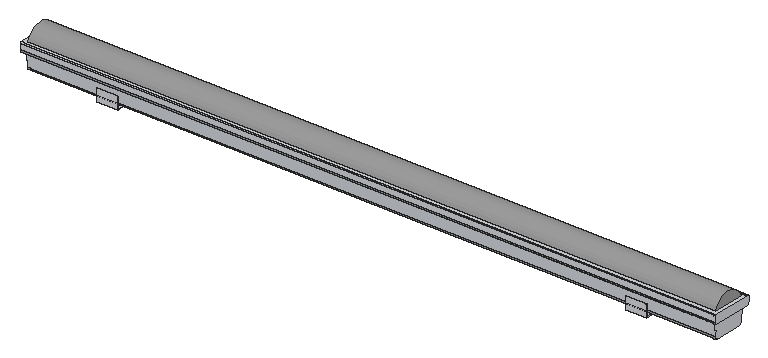
Revit family "0010273", category Lighting Fixtures, host Face, Revit 2017 (continued)
Types (60, lengths in mm): name | Weight | Wattage | TypeName | built-in parameter 1150134 | Photometric Web File | PowerFactor | PowerConsumption | NominalLength | Name | ModelReference | ModelNumber | Model | LuminousEfficacy | built-in parameter 1150105 | Lumens | LampNominalLuminous | LampMacAdamStep | LampColourTemperature | LENGHT_SYL | LENGHT_CHAMFER_SYL | LENGHT-_SYL | LENGHT-_CHAMFER_SYL | L0650_SYL | L1500_SYL | L1200_SYL | built-in parameter 1150107 | built-in parameter 1150106 | built-in parameter 1150104 | DocumentationLiterature | Description | BRACKET_WIDTH_SYL | BRACKET_DIST_SYL | Apparent Load
  0010215 RESISTO 1200 IP66 4800LM 840 QC | "1.61 kg" | 35 W | "Resisto  1200 IP66 4800lm 840 QC" | 12 | "0010215.ies" | 0.95 | "35 W" | 1212 | "Resisto  1200 IP66 4800lm 840 QC" | "Resisto  1200 IP66 4800lm 840 QC" | "0010215" | "Resisto  1200 IP66 4800lm 840 QC" | "137 lm/W" | 1583.6 (stored number, unit not read) | 4795 lm | "4800 lm" | "5" | "4000 K" | 592 | 600 | -592 | -600 | no | no | yes | 4000 (stored number, unit not read) | 15.836 (stored number, unit not read) | 12.728 (stored number, unit not read) | "http://www.sylvania-lighting.com/product/en-int/products/0010215" | "Resisto, integrated LED weatherproof luminaire, with UV stabilized flat diffuser designed to achieve uniform lit appearance, optimise light output and to reduce glare. 301 stainless steel diffuser clips and fixing brackets for surface mounting. Polycarbonate housing and diffuser - no yellow discolouration over time. 4800lm; 35W; 137lm/W; 4000K; SDCM<5; non dimmable; CRI80; IP66; IK08; Class I; 69,000hrs (L80B20) lifespan; 1200mm x 89mm x 88mm; D-mark; assembled with quick connector." | 400 | 444 | 35 VA
  0010214 RESISTO 1200 IP66 2800LM 840 QC | "1.57 kg" | 21 W | "Resisto  1200 IP66 2800lm 840 QC" | 12 | "0010214.ies" | 0.95 | "21 W" | 1212 | "Resisto  1200 IP66 2800lm 840 QC" | "Resisto  1200 IP66 2800lm 840 QC" | "0010214" | "Resisto  1200 IP66 2800lm 840 QC" | "133 lm/W" | 917.95 (stored number, unit not read) | 2793 lm | "2800 lm" | "5" | "4000 K" | 592 | 600 | -592 | -600 | no | no | yes | 4000 (stored number, unit not read) | 9.1795 (stored number, unit not read) | 12.356 (stored number, unit not read) | "http://www.sylvania-lighting.com/product/en-int/products/0010214" | "Resisto, integrated LED weatherproof luminaire, with UV stabilized flat diffuser designed to achieve uniform lit appearance, optimise light output and to reduce glare. 301 stainless steel diffuser clips and fixing brackets for surface mounting. Polycarbonate housing and diffuser - no yellow discolouration over time. 2800lm; 21W; 133lm/W; 4000K; SDCM<5; non dimmable; CRI80; IP66; IK08; Class I; 69,000hrs (L80B20) lifespan; 1200mm x 89mm x 88mm; D-mark; assembled with quick connector." | 400 | 444 | 21 VA
  0010213 RESISTO 1200 IP66 4800LM 865 | "1.54 kg" | 35 W | "Resisto  1200 IP66 4800lm 865" | 1 | "0010213.ies" | 0.95 | "35 W" | 1200 | "Resisto  1200 IP66 4800lm 865" | "Resisto  1200 IP66 4800lm 865" | "0010213" | "Resisto  1200 IP66 4800lm 865" | "137 lm/W" | 1583.6 (stored number, unit not read) | 4795 lm | "4800 lm" | "5" | "6500 K" | 592 | 600 | -592 | -600 | no | no | yes | 6500 (stored number, unit not read) | 15.836 (stored number, unit not read) | 12.728 (stored number, unit not read) | "http://www.sylvania-lighting.com/product/en-int/products/0010213" | "Resisto, integrated LED weatherproof luminaire, with UV stabilized flat diffuser designed to achieve uniform lit appearance, optimise light output and to reduce glare. 301 stainless steel diffuser clips and fixing brackets for surface mounting. Polycarbonate housing and diffuser - no yellow discolouration over time. 4800lm; 35W; 137lm/W; 6500K; SDCM<5; non dimmable; CRI80; IP66; IK08; Class I; 69,000hrs (L80B20) lifespan; 1200mm x 89mm x 88mm; D-mark." | 400 | 444 | 35 VA
  0010212 RESISTO 1200 IP66 2800LM 865 | "1.5 kg" | 21 W | "Resisto  1200 IP66 2800lm 865" | 1 | "0010212.ies" | 0.95 | "21 W" | 1200 | "Resisto  1200 IP66 2800lm 865" | "Resisto  1200 IP66 2800lm 865" | "0010212" | "Resisto  1200 IP66 2800lm 865" | "133 lm/W" | 917.95 (stored number, unit not read) | 2793 lm | "2800 lm" | "5" | "6500 K" | 592 | 600 | -592 | -600 | no | no | yes | 6500 (stored number, unit not read) | 9.1795 (stored number, unit not read) | 12.356 (stored number, unit not read) | "http://www.sylvania-lighting.com/product/en-int/products/0010212" | "Resisto, integrated LED weatherproof luminaire, with UV stabilized flat diffuser designed to achieve uniform lit appearance, optimise light output and to reduce glare. 301 stainless steel diffuser clips and fixing brackets for surface mounting. Polycarbonate housing and diffuser - no yellow discolouration over time. 2800lm; 21W; 133lm/W; 6500K; SDCM<5; non dimmable; CRI80; IP66; IK08; Class I; 69,000hrs (L80B20) lifespan; 1200mm x 89mm x 88mm; D-mark." | 400 | 444 | 21 VA
  0010211 RESISTO 1200 IP66 4800LM 840 | "11.88 kg" | 35 W | "Resisto  1200 IP66 4800lm 840" | 12 | "0010211.ies" | 0.95 | "35.0 W" | 1200 | "Resisto  1200 IP66 4800lm 840" | "Resisto  1200 IP66 4800lm 840" | "0010211" | "Resisto  1200 IP66 4800lm 840" | "137 lm/W" | -7601417.6 (stored number, unit not read) | 4795 lm | "4800 lm" | "5" | "4000 K" | 592 | 600 | -592 | -600 | no | no | yes | 4000 (stored number, unit not read) | -76014.2 (stored number, unit not read) | 12.728 (stored number, unit not read) | "http://www.sylvania-lighting.com/product/en-int/products/0010211" | "Resisto, integrated LED weatherproof luminaire, with UV stabilized flat diffuser designed to achieve uniform lit appearance, optimise light output and to reduce glare. 301 stainless steel diffuser clips and fixing brackets for surface mounting. Polycarbonate housing and diffuser - no yellow discolouration over time. 4800lm; 35W; 137lm/W; 4000K; SDCM<5; non dimmable; CRI80; IP66; IK08; Class I; 69,000hrs (L80B20) lifespan; 1200mm x 89mm x 88mm; D-mark." | 400 | 444 | 35 VA
  0010210 RESISTO 1200 IP66 2800LM 840 | "11.88 kg" | 21 W | "Resisto  1200 IP66 2800lm 840" | 12 | "0010210.ies" | 0.95 | "21.0 W" | 1200 | "Resisto  1200 IP66 2800lm 840" | "Resisto  1200 IP66 2800lm 840" | "0010210" | "Resisto  1200 IP66 2800lm 840" | "133 lm/W" | -2570258.2 (stored number, unit not read) | 2793 lm | "2800 lm" | "5" | "4000 K" | 592 | 600 | -592 | -600 | no | no | yes | 4000 (stored number, unit not read) | -25702.6 (stored number, unit not read) | 12.356 (stored number, unit not read) | "http://www.sylvania-lighting.com/product/en-int/products/0010210" | "Resisto, integrated LED weatherproof luminaire, with UV stabilized flat diffuser designed to achieve uniform lit appearance, optimise light output and to reduce glare. 301 stainless steel diffuser clips and fixing brackets for surface mounting. Polycarbonate housing and diffuser - no yellow discolouration over time. 2800lm; 21W; 133lm/W; 4000K; SDCM<5; non dimmable; CRI80; IP66; IK08; Class I; 69,000hrs (L80B20) lifespan; 1200mm x 89mm x 88mm; D-mark." | 400 | 444 | 21 VA
  0010209 RESISTO 1200 IP66 4800LM 830 | "1.54 kg" | 35 W | "Resisto  1200 IP66 4800lm 830" | (empty or 0) | "0010209.ies" | 0.95 | "35 W" | 1200 | "Resisto  1200 IP66 4800lm 830" | "Resisto  1200 IP66 4800lm 830" | "0010209" | "Resisto  1200 IP66 4800lm 830" | "137 lm/W" | 1583.6 (stored number, unit not read) | 4795 lm | "4800 lm" | "5" | "3000 K" | 592 | 600 | -592 | -600 | no | no | yes | 3000 (stored number, unit not read) | 15.836 (stored number, unit not read) | 12.728 (stored number, unit not read) | "http://www.sylvania-lighting.com/product/en-int/products/0010209" | "Resisto, integrated LED weatherproof luminaire, with UV stabilized flat diffuser designed to achieve uniform lit appearance, optimise light output and to reduce glare. 301 stainless steel diffuser clips and fixing brackets for surface mounting. Polycarbonate housing and diffuser - no yellow discolouration over time. 4800lm; 35W; 137lm/W; 3000K; SDCM<5; non dimmable; CRI80; IP66; IK08; Class I; 69,000hrs (L80B20) lifespan; 1200mm x 89mm x 88mm; D-mark." | 400 | 444 | 35 VA
  0010208 RESISTO 1200 IP66 2800LM 830 | "1.5 kg" | 21 W | "Resisto  1200 IP66 2800lm 830" | (empty or 0) | "0010208.ies" | 0.95 | "21 W" | 1200 | "Resisto  1200 IP66 2800lm 830" | "Resisto  1200 IP66 2800lm 830" | "0010208" | "Resisto  1200 IP66 2800lm 830" | "133 lm/W" | 917.95 (stored number, unit not read) | 2793 lm | "2800 lm" | "5" | "3000 K" | 592 | 600 | -592 | -600 | no | no | yes | 3000 (stored number, unit not read) | 9.1795 (stored number, unit not read) | 12.356 (stored number, unit not read) | "http://www.sylvania-lighting.com/product/en-int/products/0010208" | "Resisto, integrated LED weatherproof luminaire, with UV stabilized flat diffuser designed to achieve uniform lit appearance, optimise light output and to reduce glare. 301 stainless steel diffuser clips and fixing brackets for surface mounting. Polycarbonate housing and diffuser - no yellow discolouration over time. 2800lm; 21W; 133lm/W; 3000K; SDCM<5; non dimmable; CRI80; IP66; IK08; Class I; 69,000hrs (L80B20) lifespan; 1200mm x 89mm x 88mm; D-mark." | 400 | 444 | 21 VA
  0010207 RESISTO 600 HE IP66 2500LM 840 | "0.96 kg" | 16 W | "Resisto  600 HE IP66 2500lm 840" | 12 | "0010207.ies" | 0.95 | "16 W" | 650 | "Resisto  600 HE IP66 2500lm 840" | "Resisto  600 HE IP66 2500lm 840" | "0010207" | "Resisto  600 HE IP66 2500lm 840" | "156 lm/W" | 829.02 (stored number, unit not read) | 2496 lm | "2500 lm" | "3" | "4000 K" | 317 | 325 | -317 | -325 | yes | no | no | 4000 (stored number, unit not read) | 8.2902 (stored number, unit not read) | 14.493 (stored number, unit not read) | "http://www.sylvania-lighting.com/product/en-int/products/0010207" | "Resisto, integrated LED weatherproof luminaire, with UV stabilized flat diffuser designed to achieve uniform lit appearance, optimise light output and to reduce glare. 301 stainless steel diffuser clips and fixing brackets for surface mounting. Polycarbonate housing and diffuser - no yellow discolouration over time. 2500lm; 16W; 156lm/W; 4000K; SDCM<3; non dimmable; CRI80; IP66; IK08; Class I; 69,000hrs (L80B20) lifespan; 650mm x 89mm x 88mm; D-mark." | 125 | 169 | 16 VA
  0010206 RESISTO 600 HE IP66 1400LM 840 | "0.88 kg" | 10 W | "Resisto  600 HE IP66 1400lm 840" | 12 | "0010206.ies" | 0.9 | "10 W" | 650 | "Resisto  600 HE IP66 1400lm 840" | "Resisto  600 HE IP66 1400lm 840" | "0010206" | "Resisto  600 HE IP66 1400lm 840" | "140 lm/W" | 479.25 (stored number, unit not read) | 1400 lm | "1400 lm" | "3" | "4000 K" | 317 | 325 | -317 | -325 | yes | no | no | 4000 (stored number, unit not read) | 4.7925 (stored number, unit not read) | 13.006 (stored number, unit not read) | "http://www.sylvania-lighting.com/product/en-int/products/0010206" | "Resisto, integrated LED weatherproof luminaire, with UV stabilized flat diffuser designed to achieve uniform lit appearance, optimise light output and to reduce glare. 301 stainless steel diffuser clips and fixing brackets for surface mounting. Polycarbonate housing and diffuser - no yellow discolouration over time. 1400lm; 10W; 140lm/W; 4000K; SDCM<3; non dimmable; CRI80; IP66; IK08; Class I; 69,000hrs (L80B20) lifespan; 650mm x 89mm x 88mm; D-mark." | 125 | 169 | 10 VA
  0010205 RESISTO 600 IP66 2500LM 865 | "0.88 kg" | 19 W | "Resisto  600 IP66 2500lm 865" | 1 | "0010205.ies" | 1 | "19 W" | 650 | "Resisto  600 IP66 2500lm 865" | "Resisto  600 IP66 2500lm 865" | "0010205" | "Resisto  600 IP66 2500lm 865" | "132 lm/W" | 833.01 (stored number, unit not read) | 2508 lm | "2500 lm" | "5" | "6500 K" | 317 | 325 | -317 | -325 | yes | no | no | 6500 (stored number, unit not read) | 8.3301 (stored number, unit not read) | 12.263 (stored number, unit not read) | "http://www.sylvania-lighting.com/product/en-int/products/0010205" | "Resisto, integrated LED weatherproof luminaire, with UV stabilized flat diffuser designed to achieve uniform lit appearance, optimise light output and to reduce glare. 301 stainless steel diffuser clips and fixing brackets for surface mounting. Polycarbonate housing and diffuser - no yellow discolouration over time. 2500lm; 19W; 132lm/W; 6500K; SDCM<5; non dimmable; CRI80; IP66; IK08; Class I; 69,000hrs (L80B20) lifespan; 650mm x 89mm x 88mm; D-mark." | 125 | 169 | 19 VA
  0010204 RESISTO 600 IP66 1600LM 865 | "0.88 kg" | 12 W | "Resisto  600 IP66 1600lm 865" | 1 | "0010204.ies" | 0.9 | "12 W" | 650 | "Resisto  600 IP66 1600lm 865" | "Resisto  600 IP66 1600lm 865" | "0010204" | "Resisto  600 IP66 1600lm 865" | "133 lm/W" | 546.34 (stored number, unit not read) | 1596 lm | "1600 lm" | "5" | "6500 K" | 317 | 325 | -317 | -325 | yes | no | no | 6500 (stored number, unit not read) | 5.4634 (stored number, unit not read) | 12.356 (stored number, unit not read) | "http://www.sylvania-lighting.com/product/en-int/products/0010204" | "Resisto, integrated LED weatherproof luminaire, with UV stabilized flat diffuser designed to achieve uniform lit appearance, optimise light output and to reduce glare. 301 stainless steel diffuser clips and fixing brackets for surface mounting. Polycarbonate housing and diffuser - no yellow discolouration over time. 1600lm; 12W; 133lm/W; 6500K; SDCM<5; non dimmable; CRI80; IP66; IK08; Class I; 69,000hrs (L80B20) lifespan; 650mm x 89mm x 88mm; D-mark." | 125 | 169 | 12 VA
  0010203 RESISTO 600 IP66 2500LM 840 | "10.2 kg" | 19 W | "Resisto  600 IP66 2500lm 840" | 12 | "0010203.ies" | 0.95 | "19.0 W" | 650 | "Resisto  600 IP66 2500lm 840" | "Resisto  600 IP66 2500lm 840" | "0010203" | "Resisto  600 IP66 2500lm 840" | "132 lm/W" | -2082492.7 (stored number, unit not read) | 2508 lm | "2500 lm" | "5" | "4000 K" | 317 | 325 | -317 | -325 | yes | no | no | 4000 (stored number, unit not read) | -20824.9 (stored number, unit not read) | 12.263 (stored number, unit not read) | "http://www.sylvania-lighting.com/product/en-int/products/0010203" | "Resisto, integrated LED weatherproof luminaire, with UV stabilized flat diffuser designed to achieve uniform lit appearance, optimise light output and to reduce glare. 301 stainless steel diffuser clips and fixing brackets for surface mounting. Polycarbonate housing and diffuser - no yellow discolouration over time. 2500lm; 19W; 132lm/W; 4000K; SDCM<5; non dimmable; CRI80; IP66; IK08; Class I; 69,000hrs (L80B20) lifespan; 650mm x 89mm x 88mm; D-mark." | 125 | 169 | 19 VA
  0010202 RESISTO 600 IP66 1600LM 840 | "10.2 kg" | 12 W | "Resisto  600 IP66 1600lm 840" | 12 | "0010202.ies" | 0.9 | "12.0 W" | 650 | "Resisto  600 IP66 1600lm 840" | "Resisto  600 IP66 1600lm 840" | "0010202" | "Resisto  600 IP66 1600lm 840" | "133 lm/W" | -874129.2 (stored number, unit not read) | 1596 lm | "1600 lm" | "5" | "4000 K" | 317 | 325 | -317 | -325 | yes | no | no | 4000 (stored number, unit not read) | -8741.3 (stored number, unit not read) | 12.356 (stored number, unit not read) | "http://www.sylvania-lighting.com/product/en-int/products/0010202" | "Resisto, integrated LED weatherproof luminaire, with UV stabilized flat diffuser designed to achieve uniform lit appearance, optimise light output and to reduce glare. 301 stainless steel diffuser clips and fixing brackets for surface mounting. Polycarbonate housing and diffuser - no yellow discolouration over time. 1600lm; 12W; 133lm/W; 4000K; SDCM<5; non dimmable; CRI80; IP66; IK08; Class I; 69,000hrs (L80B20) lifespan; 650mm x 89mm x 88mm; D-mark." | 125 | 169 | 12 VA
  0010279 RESISTO 1500 HE IP66 DALI 8300LM 840 | "2.01 kg" | 54 W | "Resisto 1500 HE IP66 DALI 8300lm 840" | 12 | "0010279.ies" | 0.99 | "54 W" | 1500 | "Resisto 1500 HE IP66 DALI 8300lm 840" | "Resisto 1500 HE IP66 DALI 8300lm 840" | "0010279" | "Resisto 1500 HE IP66 DALI 8300lm 840" | "154 lm/W" | 2773 (stored number, unit not read) | 8316 lm | "8300 lm" | "3" | "4000 K" | 742 | 750 | -742 | -750 | no | yes | no | 4000 (stored number, unit not read) | 27.73 (stored number, unit not read) | 14.307 (stored number, unit not read) | "http://www.sylvania-lighting.com/product/en-int/products/0010279" | "Resisto, integrated LED weatherproof luminaire, with UV stabilized flat diffuser designed to achieve uniform lit appearance, optimise light output and to reduce glare. 301 stainless steel diffuser clips and fixing brackets for surface mounting. Polycarbonate housing and diffuser - no yellow discolouration over time. 8300lm; 54W; 154lm/W; 4000K; SDCM<3; DALI dimmable; CRI80; IP66; IK08; Class I; 69,000hrs (L80B20) lifespan; 1500mm x 89mm x 88mm; D-mark." | 550 | 594 | 54 VA
